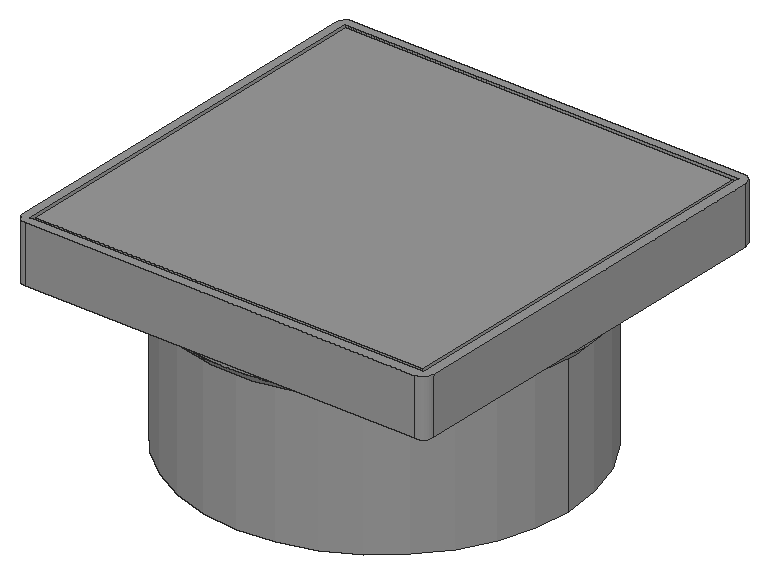
Revit family "HL_Дренажный и инспекционный колодец для_HL635N", category Instalační zařizovací předměty, Revit 2020
Family settings
  Kóta kulaté spojky = Použít průměr
  Typ dílu = Normální
  Číslo OmniClass = 23.70.50.21.24.14
  Nadpis OmniClass = Deck Waste Water Drains
  Založené na pracovní rovině = Ne
  Vždy vertikální = Ano
  Ořezat dutým tvarem při načtení = Ne
  Sdílené = Ne
  Bod výpočtu místnosti = Ano
Parameters (values of type "HL_Дренажный и инспекционный колодец для_HL635N")
  РЕШЁТКА = "Kunststoff 368x368mm"
  РАЗМЕР = "390x390x205mm"
  ПРОПУСКНАЯ СПОСОБНОСТЬ [instance] = 0.0 L/s
  ПРАВОВАЯ ИНФОРМАЦИЯ = "Авторские права(©), права на дизайн или какие либо другие права интелектуальной собственности являются исключительной собственностью компании HL Hutterer & Lechner. Изменению не подлежит. Файл семейства с данными о прозводителе изделия защищен паролем с водяным знаком."
  НОРМЫ = "EN1986-3/ EN1253-2"
  НОМИНАЛЬНЫЙ ДИАМЕТР = 350 mm
  МАТЕРИАЛ = "EPS/ PP"
  МАКСИМАЛЬНАЯ НАГРУЗКА КЛАССА = "K3 - max. 300kg"
  ВЫСОТА МОНТАЖА = "70 - 205mm"
  ВЕС = "2,45kg"
  Výrobce = "HL Hutterer & Lechner GmbH"
  URL = "http://www.hutterer-lechner.com/ru/products/catalog/roof-drains/HL635N.aspx"
  Материал плитка [instance] = none
  Přípoj ventilace = no
  Přípoj odpadních dílů = yes
  Přípoj HW = no
  Výchozí výška = 0 mm
  Přípoj CW = no
  Popis = "крыша"
  Model = "HL635N"
  Assembly Code = " "
  Komentáře k typům = "Дренажный и инспекционный колодец для \"зелёных\" и эксплуатируемых кровель и кровель с пригрузом из гравия, с пластиковым подрамником и пластиковой решёткой"
  Keynote = "HL635N"
  Высота монтажа [instance] = 205 mm
  G [instance] = 180.00°  # constant formula
  EAN = "9003076032228"
  D [instance] = Высота монтажа - 50 mm  # 155 mm
  C [instance] = 32 mm  # constant formula
  B [instance] = 50 mm  # constant formula
  A [instance] = if(B - 100 mm > 15 mm, B - 100 mm, 15 mm)  # 15 mm
Reference planes
  plane 1 "Center (Front/Back)": y = 0
  plane 2: z = 0
  plane 3 "Center (Left/Right)": x = 0
  plane 4: z = -50
  plane 5: z = -205
Lines and regions (mm)
  model lines, style "InvisibleLines"
    curve 1: line (0, 0, 0) -> (0, 0, 20)
  model lines, style "PlumbingFixtures", detail levels coarse+medium
    curve 2: line (0, 0, -50) -> (0, 0, -35)
    curve 3: line (0, 0, -35) -> (-35, 0, 0)
    curve 4: line (0, 0, -35) -> (35, 0, 0)
    curve 6: line (0, 0, -50) -> (0, 0, -205)
  reference lines, not visible
    curve 5: line (0, 0, -50) -> (0, 0, -205)
  symbolic lines, style "PlumbingFixtures", detail levels coarse+medium
    curve 7: line (-75, 75, 0) -> (75, 75, 0)
    curve 8: line (-75, -75, 0) -> (-75, 75, 0)
    curve 9: line (75, -75, 0) -> (-75, -75, 0)
    curve 10: line (75, 75, 0) -> (75, -75, 0)
    curve 11: line (-75, 75, 0) -> (-145.711, 145.711, 0)
    curve 12: line (75, 75, 0) -> (145.711, 145.711, 0)
    curve 13: line (-75, -75, 0) -> (-145.711, -145.711, 0)
    curve 14: line (75, -75, 0) -> (145.711, -145.711, 0)
  symbolic lines, style "PlumbingFixtures", not visible, detail levels coarse+medium
    curve 15: line (-75, 75, 0) -> (75, 75, 0)
    curve 16: line (-75, -75, 0) -> (-75, 75, 0)
    curve 17: line (75, -75, 0) -> (-75, -75, 0)
    curve 18: line (75, 75, 0) -> (75, -75, 0)
    curve 19: line (-75, 75, 0) -> (-145.711, 145.711, 0)
    curve 20: line (75, 75, 0) -> (145.711, 145.711, 0)
    curve 21: line (-75, -75, 0) -> (-145.711, -145.711, 0)
    curve 22: line (75, -75, 0) -> (145.711, -145.711, 0)
Text (mm)
  text "FLOOR" at (-162.344, 0, -10.979), in view "вид строительства"
Dimensions and locks
  "B": plane 2 to plane 4
  "Высота монтажа": plane 2 to plane 5
  "A": curve 4 to plane 4
  "D": curve 5 to curve 5
  "D": curve 6 to curve 6
  locked: curve 4 to plane 3 "Center (Left/Right)" (angle 45.00°)
  locked: plane 3 "Center (Left/Right)" to curve 3 (angle 45.00°)
  "G": angle curve 5 to plane 3 "Center (Left/Right)"
  aligned and locked: level to plane 2
  aligned and locked: plane 2 to curve 4
  aligned and locked: plane 2 to curve 3
  aligned and locked: plane 4 to curve 5
  aligned and locked: plane 3 "Center (Left/Right)" to curve 5
  aligned and locked: plane 4 to curve 2
  aligned and locked: curve 6 to plane 3 "Center (Left/Right)"
  aligned and locked: curve 6 to plane 4
  aligned and locked: plane 3 "Center (Left/Right)" to nested 2
  aligned and locked: plane 3 "Center (Left/Right)" to nested 1
  aligned and locked: nested 1 to plane 2
  aligned and locked: nested 2 to plane 2
Automatic sketch dimensions
  curve 2 to plane 3 "Center (Left/Right)" = 0 mm
  curve 1 to plane 3 "Center (Left/Right)" = 0 mm
  curve 1 to level = 0 mm
  level to curve 1 = 20 mm
Nested families
  nested 1: "HL-Дренажный и инспекционный колодец для-HL635N" at (0, 0, 0), Высота монтажа <- "Высота монтажа", type "HL-Дренажный и инспекционный колодец для-HL635N"
    with Высота монтажа минимум 70 mm, Высота монтажа максимум 205 mm, Высота монтажа 205 mm, Z 136 mm, Y 69 mm, X 205 mm
  nested 2: "HL-Пластиковая решётка-HL0635N.1" at (0, 0, 0), type "HL-Пластиковая решётка-HL0635N.1"
    with Пропускная способность 0.0 L/s
Connectors
  piping at (0, 0, -205), diameter 350, driven by "ПРОПУСКНАЯ СПОСОБНОСТЬ", driven by "НОМИНАЛЬНЫЙ ДИАМЕТР"
    settings: on curve 5, index 1, connector inside diameter 609.6 mm, connector length 0 mm, flow factor 0, pipe flow 0.0 L/s, pressure drop 0.0 Pa, fitting loss kfactor 0, connector angle 0.00°, fixture units 0, engagement length 0 mm, angle of deflection 0.00°, flow configuration 1, flow direction 2, fitting loss method 0, system type 16, joint type 0, gender type 0, connector reference index -1, connector utility 0, adjustable connector yes, is connector primary yes, connector description ""
Definition of nested family "HL-Дренажный и инспекционный колодец для-HL635N"
  Parameters (values of type "HL-Дренажный и инспекционный колодец для-HL635N")
    РЕШЁТКА = "Kunststoff 368x368mm"
    РАЗМЕР = "390x390x205mm"
    ПРАВОВАЯ ИНФОРМАЦИЯ = "Авторские права(©), права на дизайн или какие либо другие права интелектуальной собственности являются исключительной собственностью компании HL Hutterer & Lechner. Изменению не подлежит. Файл семейства с данными о прозводителе изделия защищен паролем с водяным знаком."
    НОРМЫ = "EN1986-3/ EN1253-2"
    МАТЕРИАЛ = "EPS/ PP"
    МАКСИМАЛЬНАЯ НАГРУЗКА КЛАССА = "K3 - max. 300kg"
    ВЫСОТА МОНТАЖА = "70 - 205mm"
    ВЕС = "2,45kg"
    Z [instance] = X - 69 mm  # 136 mm
    Y [instance] = 69 mm  # constant formula
    X [instance] = if(Высота монтажа > Высота монтажа максимум, -10 mm, if(Высота монтажа < Высота монтажа минимум, -10 mm, Высота монтажа))  # 205 mm
    Height = 0 mm
    Manufacturer = "HL Hutterer & Lechner GmbH"
    URL = "http://www.hutterer-lechner.com/ru/products/catalog/roof-drains/HL635N.aspx"
    Высота монтажа [instance] = 205 mm
    Keynote = "HL635N"
    Высота монтажа минимум [instance] = 70 mm
    Высота монтажа максимум [instance] = 205 mm
    Description = "крыша"
    Model = "HL635N"
    Type Comments = "Дренажный и инспекционный колодец для \"зелёных\" и эксплуатируемых кровель и кровель с пригрузом из гравия, с пластиковым подрамником и пластиковой решёткой"
    Default Elevation = 0 mm
    EAN = "9003076032228"
    Cost = 0
  Reference planes
    plane 1 "Střed (vpředu/vzadu)": y = 0
    plane 2: z = 0
    plane 3 "Střed (vlevo/vpravo)": x = 0
    plane 4: z = -205
    plane 5: z = -53.5
    plane 6: z = -69
    plane 7: z = -26.095
  Forms (mm)
    Extrusion 1, solid, detail levels fine
      sketch origin (0, 0, 0) x (1, 0, 0) y (0, 1, 0)
        loop
          line (-187.002, 187.005) -> (-187.002, -186.995) -> (186.998, -186.995) -> (186.998, 187.005) -> (-187.002, 187.005)
        loop
          arc (-195.002, -184.995) -> (-192.073, -192.066) -> (-185.002, -194.995) r 10
          line (-185.002, -194.995) -> (184.998, -194.995)
          arc (184.998, -194.995) -> (192.069, -192.066) -> (194.998, -184.995) r 10
          line (194.998, -184.995) -> (194.998, 185.005)
          arc (194.998, 185.005) -> (192.069, 192.076) -> (184.998, 195.005) r 10
          line (184.998, 195.005) -> (-185.002, 195.005)
          arc (-185.002, 195.005) -> (-192.073, 192.076) -> (-195.002, 185.005) r 10
          line (-195.002, 185.005) -> (-195.002, -184.995)
      from -53.5 to 0
    Revolve 2, solid, detail levels fine
      sketch origin (-71, 0, -288.3) x (0, 0, 1) y (-1, 0, 0)
        loop
          line (219.415, 110.627) -> (219.415, 104) -> (83.3, 104) -> (83.3, 89) -> (229.138, 89) -> (229.138, 85.301) -> (234.8, 85.301) -> (234.8, 119.6) -> (228.387, 119.6) -> (219.415, 110.627)
        axis (234.8, -71) -> (83.3, -71)
      angle from 0 to 360
    Extrusion 3, solid, detail levels fine
      sketch origin (0, 0, 0) x (1, 0, 0) y (0, 1, 0)
        loop
          arc (-187.002, 36.861) -> (-134.768, 134.781) -> (-36.843, 187.005) r 190.6
          line (-36.843, 187.005) -> (-187.002, 187.005) -> (-187.002, 36.861)
        loop
          arc (36.843, 187.005) -> (134.762, 134.787) -> (186.998, 36.877) r 190.6
          line (186.998, 36.877) -> (186.998, 187.005) -> (36.843, 187.005)
        loop
          arc (-36.895, -186.995) -> (-134.787, -134.762) -> (-187.002, -36.861) r 190.6
          line (-187.002, -36.861) -> (-187.002, -186.995) -> (-36.895, -186.995)
        loop
          line (186.998, -186.995) -> (186.998, -36.877)
          arc (186.998, -36.877) -> (134.781, -134.768) -> (36.895, -186.995) r 190.6
          line (36.895, -186.995) -> (186.998, -186.995)
      from -53.5 to -38.5
    Extrusion 4, solid, detail levels fine
      sketch origin (0, 0, 0) x (1, 0, 0) y (0, 1, 0)
        loop
          circle (-149.584, 149.625) r 3.6
      from -38.5 to -26.095
    Extrusion 5, solid, detail levels fine
      sketch origin (0, 0, 0) x (-1, 0, 0) y (0, -1, 0)
        loop
          circle (-149.584, -149.625) r 3.6
      from -38.5 to -26.095
    Extrusion 6, solid, detail levels fine
      sketch origin (0, 0, 0) x (-1, 0, 0) y (0, -1, 0)
        loop
          circle (-149.584, 149.625) r 3.6
      from -38.5 to -26.095
    Extrusion 7, solid, detail levels fine
      sketch origin (0, 0, 0) x (1, 0, 0) y (0, 1, 0)
        loop
          circle (-149.584, -149.625) r 3.6
      from -38.5 to -26.095
  Dimensions and locks
    Extrusion 1 sketch curve to Extrusion 1 sketch curve to plane 3 "Střed (vlevo/vpravo)" to Extrusion 1 sketch curve to Extrusion 1 sketch curve = 8 mm locked, 187.002 mm locked, 186.998 mm locked, 8 mm locked
    Extrusion 1 sketch curve to Extrusion 1 sketch curve to plane 1 "Střed (vpředu/vzadu)" to Extrusion 1 sketch curve to Extrusion 1 sketch curve = 8 mm locked, 186.995 mm locked, 187.005 mm locked, 8 mm locked
    locked: plane 2 to plane 5 at 53.5
    Revolve 2 sketch curve to Revolve 2 sketch curve to Revolve 2 sketch curve = 15 mm locked, 160 mm locked
    plane 2 to Revolve 2 sketch curve to Revolve 2 sketch curve = 53.5 mm locked, 15.385 mm locked
    equal spacing: plane 2, Revolve 2 sketch curve, Revolve 2 sketch curve
    "Y": plane 2 to plane 6
    "Z": plane 6 to plane 4
    locked: Extrusion 3 to plane 5 at 15
    locked: plane 2 to plane 7 at 26.095
    radius of Extrusion 1 sketch curve = 10 mm  (x4)
    aligned and locked: level to plane 2
    aligned and locked: plane 2 to Extrusion 1
    aligned and locked: Revolve 2 sketch curve to plane 3 "Střed (vlevo/vpravo)"
    aligned and locked: plane 4 to Revolve 2
    aligned and locked: plane 5 to Extrusion 1
    aligned and locked: plane 6 to Revolve 2
    aligned and locked: Revolve 2 to plane 6
    aligned and locked: Extrusion 1 to Extrusion 3 sketch curve  (x4)
    aligned and locked: Extrusion 3 sketch curve to Extrusion 1  (x4)
    aligned and locked: Extrusion 1 to Extrusion 3
    aligned and locked: Extrusion 4 to Extrusion 3
    aligned and locked: plane 7 to Extrusion 7
    aligned and locked: Extrusion 7 to Extrusion 3
    aligned and locked: Extrusion 6 to Extrusion 3
    aligned and locked: Extrusion 5 to Extrusion 3
    aligned and locked: plane 7 to Extrusion 6
    aligned and locked: plane 7 to Extrusion 5
  Automatic sketch dimensions
    Extrusion 3 sketch curve to Extrusion 3 sketch curve = 0 mm  (x12)
    plane 1 "Střed (vpředu/vzadu)" to Extrusion 3 sketch curve = 0 mm
    Extrusion 3 sketch curve to plane 3 "Střed (vlevo/vpravo)" = 0 mm
    Extrusion 3 sketch curve to plane 3 "Střed (vlevo/vpravo)" = 36.895 mm
    Extrusion 3 sketch curve to plane 3 "Střed (vlevo/vpravo)" = 36.843 mm
    plane 3 "Střed (vlevo/vpravo)" to Extrusion 3 sketch curve = 36.843 mm
    plane 3 "Střed (vlevo/vpravo)" to Extrusion 3 sketch curve = 36.895 mm
    Extrusion 4 sketch curve to plane 3 "Střed (vlevo/vpravo)" = 149.584 mm
    Extrusion 4 sketch curve to plane 1 "Střed (vpředu/vzadu)" = 149.625 mm
    Extrusion 5 sketch curve to plane 3 "Střed (vlevo/vpravo)" = 149.584 mm
    plane 1 "Střed (vpředu/vzadu)" to Extrusion 5 sketch curve = 149.625 mm
    plane 3 "Střed (vlevo/vpravo)" to Extrusion 6 sketch curve = 149.584 mm
    plane 1 "Střed (vpředu/vzadu)" to Extrusion 6 sketch curve = 149.625 mm
    plane 3 "Střed (vlevo/vpravo)" to Extrusion 7 sketch curve = 149.584 mm
    Extrusion 7 sketch curve to plane 1 "Střed (vpředu/vzadu)" = 149.625 mm
    Revolve 2 sketch curve to plane 4 = 0 mm  (x2)
    Revolve 2 sketch curve to plane 5 = 0 mm
    Revolve 2 sketch curve to Revolve 2 sketch curve = 6.413 mm
    Revolve 2 sketch curve to Revolve 2 sketch curve = 5.662 mm
    Revolve 2 sketch curve to Revolve 2 sketch curve = 3.699 mm
    Revolve 2 sketch curve to Revolve 2 sketch curve = 6.627 mm
    Revolve 2 sketch curve to Revolve 2 sketch curve = 8.973 mm
    radius of Extrusion 4 sketch curve = 3.6 mm
    radius of Extrusion 5 sketch curve = 3.6 mm
    radius of Extrusion 6 sketch curve = 3.6 mm
    radius of Extrusion 7 sketch curve = 3.6 mm
Definition of nested family "HL-Пластиковая решётка-HL0635N.1"
  Parameters (values of type "HL-Пластиковая решётка-HL0635N.1")
    РАЗМЕР = "368x368mm"
    ПРАВОВАЯ ИНФОРМАЦИЯ = "Авторские права(©), права на дизайн или какие либо другие права интелектуальной собственности являются исключительной собственностью компании HL Hutterer & Lechner. Изменению не подлежит. Файл семейства с данными о прозводителе изделия защищен паролем с водяным знаком."
    НОРМЫ = "EN1986-3/ EN1253-2"
    МАТЕРИАЛ = "PP"
    МАКСИМАЛЬНАЯ НАГРУЗКА КЛАССА = "K3 - max. 300kg"
    ВЕС = "0,88kg"
    Height = 0 mm
    Manufacturer = "HL Hutterer & Lechner GmbH"
    URL = "http://www.hutterer-lechner.com/ru/products/catalog/roof-drains/HL0635N.1.aspx"
    Материал плитка = none
    Description = "крыша"
    Model = "HL0635N.1"
    Type Comments = "Пластиковая решётка для дренажного и инспекционного колодца HL635N(.0)"
    Keynote = "HL0635N.1"
    Пропускная способность [instance] = 0.0 L/s
    Default Elevation = 0 mm
    EAN = "9003076006175"
    Cost = 0
  Reference planes
    plane 1 "Střed (vpředu/vzadu)": y = 0
    plane 2: z = 0
    plane 3 "Střed (vlevo/vpravo)": x = 0
    plane 4: z = -24.7
  Forms (mm)
    Extrusion 1, solid, detail levels fine
      sketch origin (0, 0, 0) x (1, 0, 0) y (0, 1, 0)
        loop
          line (-183.783, -183.783) -> (183.783, -183.783) -> (183.783, 183.783) -> (-183.783, 183.783) -> (-183.783, -183.783)
      from -24.7 to 0
  Lines and regions (mm)
    model lines, detail levels fine
      curve 1: circle (-149.565, 149.614, 0) r 3.478 normal (0, 0, 1)
      curve 2: circle (149.565, 149.614, 0) r 3.478 normal (0, 0, -1)
      curve 3: circle (149.565, -149.614, 0) r 3.478 normal (0, 0, 1)
      curve 4: circle (-149.565, -149.614, 0) r 3.478 normal (0, 0, -1)
      curve 5: arc (-12.691, 32.511, 0) -> (-24.678, 24.678, 0) -> (-32.511, 12.691, 0) r 34.9
      curve 6: arc (-16.291, 41.733, 0) -> (-31.678, 31.678, 0) -> (-41.733, 16.291, 0) r 44.8
      curve 7: arc (-32.511, 12.691, 0) -> (-38.852, 10.06, 0) -> (-41.733, 16.291, 0) r 4.954
      curve 8: arc (-12.691, 32.511, 0) -> (-10.06, 38.852, 0) -> (-16.291, 41.733, 0) r 4.954
      curve 9: arc (12.691, 32.511, 0) -> (24.678, 24.678, 0) -> (32.511, 12.691, 0) r 34.9
      curve 10: arc (16.291, 41.733, 0) -> (31.678, 31.678, 0) -> (41.733, 16.291, 0) r 44.8
      curve 11: arc (32.511, 12.691, 0) -> (38.852, 10.06, 0) -> (41.733, 16.291, 0) r 4.954
      curve 12: arc (12.691, 32.511, 0) -> (10.06, 38.852, 0) -> (16.291, 41.733, 0) r 4.954
      curve 13: arc (12.691, -32.511, 0) -> (24.678, -24.678, 0) -> (32.511, -12.691, 0) r 34.9
      curve 14: arc (16.291, -41.733, 0) -> (31.678, -31.678, 0) -> (41.733, -16.291, 0) r 44.8
      curve 15: arc (32.511, -12.691, 0) -> (38.852, -10.06, 0) -> (41.733, -16.291, 0) r 4.954
      curve 16: arc (12.691, -32.511, 0) -> (10.06, -38.852, 0) -> (16.291, -41.733, 0) r 4.954
      curve 17: arc (-12.691, -32.511, 0) -> (-24.678, -24.678, 0) -> (-32.511, -12.691, 0) r 34.9
      curve 18: arc (-16.291, -41.733, 0) -> (-31.678, -31.678, 0) -> (-41.733, -16.291, 0) r 44.8
      curve 19: arc (-32.511, -12.691, 0) -> (-38.852, -10.06, 0) -> (-41.733, -16.291, 0) r 4.954
      curve 20: arc (-12.691, -32.511, 0) -> (-10.06, -38.852, 0) -> (-16.291, -41.733, 0) r 4.954
      curve 21: arc (-13.725, 59.188, 0) -> (-42.963, 42.963, 0) -> (-59.188, 13.725, 0) r 60.758
      curve 22: arc (-16.409, 67.766, 0) -> (-49.541, 49.063, 0) -> (-67.922, 15.75, 0) r 69.724
      curve 23: arc (-59.188, 13.725, 0) -> (-64.499, 10.668, 0) -> (-67.922, 15.75, 0) r 4.494
      curve 24: arc (-13.725, 59.188, 0) -> (-10.757, 64.825, 0) -> (-16.409, 67.766, 0) r 4.494
      curve 25: arc (13.725, 59.188, 0) -> (42.963, 42.963, 0) -> (59.188, 13.725, 0) r 60.758
      curve 26: arc (16.409, 67.766, 0) -> (49.541, 49.063, 0) -> (67.922, 15.75, 0) r 69.724
      curve 27: arc (59.188, 13.725, 0) -> (64.499, 10.668, 0) -> (67.922, 15.75, 0) r 4.494
      curve 28: arc (13.725, 59.188, 0) -> (10.757, 64.825, 0) -> (16.409, 67.766, 0) r 4.494
      curve 29: arc (13.725, -59.188, 0) -> (42.963, -42.963, 0) -> (59.188, -13.725, 0) r 60.758
      curve 30: arc (16.409, -67.766, 0) -> (49.541, -49.063, 0) -> (67.922, -15.75, 0) r 69.724
      curve 31: arc (59.188, -13.725, 0) -> (64.499, -10.668, 0) -> (67.922, -15.75, 0) r 4.494
      curve 32: arc (13.725, -59.188, 0) -> (10.757, -64.825, 0) -> (16.409, -67.766, 0) r 4.494
      curve 33: arc (-13.725, -59.188, 0) -> (-42.963, -42.963, 0) -> (-59.188, -13.725, 0) r 60.758
      curve 34: arc (-16.409, -67.766, 0) -> (-49.541, -49.063, 0) -> (-67.922, -15.75, 0) r 69.724
      curve 35: arc (-59.188, -13.725, 0) -> (-64.499, -10.668, 0) -> (-67.922, -15.75, 0) r 4.494
      curve 36: arc (-13.725, -59.188, 0) -> (-10.757, -64.825, 0) -> (-16.409, -67.766, 0) r 4.494
      curve 37: arc (40.98, 79.726, 0) -> (0.282, 89.641, 0) -> (-40.477, 79.983, 0) r 89.642
      curve 38: arc (45.525, 88.57, 0) -> (0, 99.585, 0) -> (-45.525, 88.57, 0) r 99.585
      curve 39: arc (-40.477, 79.983, 0) -> (-47.281, 81.76, 0) -> (-45.525, 88.57, 0) r 4.98
      curve 40: arc (40.98, 79.726, 0) -> (47.417, 82.008, 0) -> (45.525, 88.57, 0) r 4.98
      curve 41: arc (79.726, 40.98, 0) -> (89.641, 0.282, 0) -> (79.983, -40.477, 0) r 89.642
      curve 42: arc (88.57, 45.525, 0) -> (99.585, 0, 0) -> (88.57, -45.525, 0) r 99.585
      curve 43: arc (79.983, -40.477, 0) -> (81.76, -47.281, 0) -> (88.57, -45.525, 0) r 4.98
      curve 44: arc (79.726, 40.98, 0) -> (82.008, 47.417, 0) -> (88.57, 45.525, 0) r 4.98
      curve 45: arc (-40.98, -79.726, 0) -> (-0.282, -89.641, 0) -> (40.477, -79.983, 0) r 89.642
      curve 46: arc (-45.525, -88.57, 0) -> (0, -99.585, 0) -> (45.525, -88.57, 0) r 99.585
      curve 47: arc (40.477, -79.983, 0) -> (47.281, -81.76, 0) -> (45.525, -88.57, 0) r 4.98
      curve 48: arc (-40.98, -79.726, 0) -> (-47.417, -82.008, 0) -> (-45.525, -88.57, 0) r 4.98
      curve 49: arc (-79.726, -40.98, 0) -> (-89.641, -0.282, 0) -> (-79.983, 40.477, 0) r 89.642
      curve 50: arc (-88.57, -45.525, 0) -> (-99.585, 0, 0) -> (-88.57, 45.525, 0) r 99.585
      curve 51: arc (-79.983, 40.477, 0) -> (-81.76, 47.281, 0) -> (-88.57, 45.525, 0) r 4.98
      curve 52: arc (-79.726, -40.98, 0) -> (-82.008, -47.417, 0) -> (-88.57, -45.525, 0) r 4.98
      curve 53: arc (73.852, 113.009, 0) -> (0, 135, 0) -> (-73.852, 113.009, 0) r 135
      curve 54: arc (79.322, 121.38, 0) -> (0, 145, 0) -> (-79.322, 121.38, 0) r 145
      curve 55: arc (-73.852, 113.009, 0) -> (-80.418, 114.69, 0) -> (-79.322, 121.38, 0) r 5.02
      curve 56: arc (73.852, 113.009, 0) -> (80.418, 114.69, 0) -> (79.322, 121.38, 0) r 5.02
      curve 57: arc (113.009, 73.852, 0) -> (135, 0, 0) -> (113.009, -73.852, 0) r 135
      curve 58: arc (121.38, 79.322, 0) -> (145, 0, 0) -> (121.38, -79.322, 0) r 145
      curve 59: arc (113.009, -73.852, 0) -> (114.69, -80.418, 0) -> (121.38, -79.322, 0) r 5.02
      curve 60: arc (113.009, 73.852, 0) -> (114.69, 80.418, 0) -> (121.38, 79.322, 0) r 5.02
      curve 61: arc (-73.852, -113.009, 0) -> (0, -135, 0) -> (73.852, -113.009, 0) r 135
      curve 62: arc (-79.322, -121.38, 0) -> (0, -145, 0) -> (79.322, -121.38, 0) r 145
      curve 63: arc (73.852, -113.009, 0) -> (80.418, -114.69, 0) -> (79.322, -121.38, 0) r 5.02
      curve 64: arc (-73.852, -113.009, 0) -> (-80.418, -114.69, 0) -> (-79.322, -121.38, 0) r 5.02
      curve 65: arc (-113.009, -73.852, 0) -> (-135, 0, 0) -> (-113.009, 73.852, 0) r 135
      curve 66: arc (-121.38, -79.322, 0) -> (-145, 0, 0) -> (-121.38, 79.322, 0) r 145
      curve 67: arc (-113.009, 73.852, 0) -> (-114.69, 80.418, 0) -> (-121.38, 79.322, 0) r 5.02
      curve 68: arc (-113.009, -73.852, 0) -> (-114.69, -80.418, 0) -> (-121.38, -79.322, 0) r 5.02
      curve 69: arc (-13.2, 163.805, 0) -> (-116.203, 116.203, 0) -> (-163.805, 13.2, 0) r 164.336
      curve 70: arc (-13.997, 173.698, 0) -> (-123.221, 123.221, 0) -> (-173.698, 13.997, 0) r 174.261
      curve 71: arc (-163.805, 13.2, 0) -> (-169.067, 9.677, 0) -> (-173.698, 13.997, 0) r 5.098
      curve 72: arc (-13.2, 163.805, 0) -> (-9.677, 169.067, 0) -> (-13.997, 173.698, 0) r 5.098
      curve 73: arc (13.2, 163.805, 0) -> (116.203, 116.203, 0) -> (163.805, 13.2, 0) r 164.336
      curve 74: arc (13.997, 173.698, 0) -> (123.221, 123.221, 0) -> (173.698, 13.997, 0) r 174.261
      curve 75: arc (163.805, 13.2, 0) -> (169.067, 9.677, 0) -> (173.698, 13.997, 0) r 5.098
      curve 76: arc (13.2, 163.805, 0) -> (9.677, 169.067, 0) -> (13.997, 173.698, 0) r 5.098
      curve 77: arc (13.2, -163.805, 0) -> (116.203, -116.203, 0) -> (163.805, -13.2, 0) r 164.336
      curve 78: arc (13.997, -173.698, 0) -> (123.221, -123.221, 0) -> (173.698, -13.997, 0) r 174.261
      curve 79: arc (163.805, -13.2, 0) -> (169.067, -9.677, 0) -> (173.698, -13.997, 0) r 5.098
      curve 80: arc (13.2, -163.805, 0) -> (9.677, -169.067, 0) -> (13.997, -173.698, 0) r 5.098
      curve 81: arc (-13.2, -163.805, 0) -> (-116.203, -116.203, 0) -> (-163.805, -13.2, 0) r 164.336
      curve 82: arc (-13.997, -173.698, 0) -> (-123.221, -123.221, 0) -> (-173.698, -13.997, 0) r 174.261
      curve 83: arc (-163.805, -13.2, 0) -> (-169.067, -9.677, 0) -> (-173.698, -13.997, 0) r 5.098
      curve 84: arc (-13.2, -163.805, 0) -> (-9.677, -169.067, 0) -> (-13.997, -173.698, 0) r 5.098
      curve 85: arc (-98.587, 162.421, 0) -> (-134.35, 134.35, 0) -> (-162.421, 98.587, 0) r 190
      curve 86: arc (-103.776, 170.969, 0) -> (-141.421, 141.421, 0) -> (-170.969, 103.776, 0) r 200
      curve 87: arc (-162.421, 98.587, 0) -> (-168.96, 97.45, 0) -> (-170.969, 103.776, 0) r 5.046
      curve 88: arc (-98.587, 162.421, 0) -> (-97.45, 168.96, 0) -> (-103.776, 170.969, 0) r 5.046
      curve 89: arc (98.587, 162.421, 0) -> (134.35, 134.35, 0) -> (162.421, 98.587, 0) r 190
      curve 90: arc (103.776, 170.969, 0) -> (141.421, 141.421, 0) -> (170.969, 103.776, 0) r 200
      curve 91: arc (162.421, 98.587, 0) -> (168.96, 97.45, 0) -> (170.969, 103.776, 0) r 5.046
      curve 92: arc (98.587, 162.421, 0) -> (97.45, 168.96, 0) -> (103.776, 170.969, 0) r 5.046
      curve 93: arc (98.587, -162.421, 0) -> (134.35, -134.35, 0) -> (162.421, -98.587, 0) r 190
      curve 94: arc (103.776, -170.969, 0) -> (141.421, -141.421, 0) -> (170.969, -103.776, 0) r 200
      curve 95: arc (162.421, -98.587, 0) -> (168.96, -97.45, 0) -> (170.969, -103.776, 0) r 5.046
      curve 96: arc (98.587, -162.421, 0) -> (97.45, -168.96, 0) -> (103.776, -170.969, 0) r 5.046
      curve 97: arc (-98.587, -162.421, 0) -> (-134.35, -134.35, 0) -> (-162.421, -98.587, 0) r 190
      curve 98: arc (-103.776, -170.969, 0) -> (-141.421, -141.421, 0) -> (-170.969, -103.776, 0) r 200
      curve 99: arc (-162.421, -98.587, 0) -> (-168.96, -97.45, 0) -> (-170.969, -103.776, 0) r 5.046
      curve 100: arc (-98.587, -162.421, 0) -> (-97.45, -168.96, 0) -> (-103.776, -170.969, 0) r 5.046
  Dimensions and locks
    Extrusion 1 sketch curve to plane 3 "Střed (vlevo/vpravo)" to Extrusion 1 sketch curve = 183.783 mm locked, 183.783 mm locked
    Extrusion 1 sketch curve to plane 1 "Střed (vpředu/vzadu)" to Extrusion 1 sketch curve = 183.783 mm locked, 183.783 mm locked
    locked: plane 2 to plane 4 at 24.7
    aligned and locked: level to plane 2
    aligned and locked: Extrusion 1 to plane 4
    aligned and locked: plane 2 to Extrusion 1
